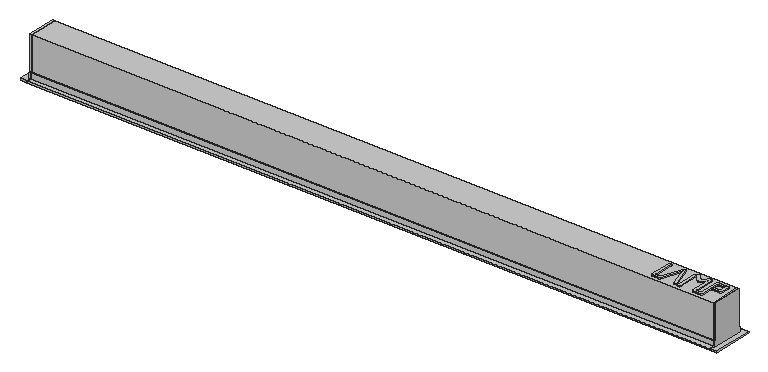
Revit family "LAMP_FIL 50 G2 PRISMATIC RECESSED", category Luminarias, Revit 2015
Parameters (values of type "1137MM 3000LM 3000K GREY")
  Ángulo de inclinación = 90.00°
  Weight = 2.166 kg
  Wattage = 21.3 W
  UniClass 2.0 Descripción = ""
  UniClass 2.0 Code = Product code  # "F52RC120MOPR830NG"
  UniClass 1.4 Descripción = ""
  UniClass 1.4 Code = Product code  # "F52RC120MOPR830NG"
  Type = "MID POWER TRIDONIC"
  built-in parameter 1150110 = 1 (stored number, unit not read)
  Protection rating = "IP42, IK07"
  Product datasheet = "https://www.lamp.es/product-files/TECH/F52RC120MOPR830NG-EN.pdf"
  Product code = "F52RC120MOPR830NG"
  Product URL = "https://www.lamp.es/en/family/fil-50_33388"
  Power Supply = "220-240V 50-60Hz"
  Power = 19 W
  Plum = 21.3 W
  NO COVER 2 [instance] = not(END COVER 2)  # no
  NO COVER 1 [instance] = not(END COVER 1)  # no
  Modelo = Product code  # "F52RC120MOPR830NG"
  Model explanation = "Availability of switching between accessories through visibility parameters when placed in a project."
  Material tapa = LAMP_Aluminio Perfil Fil GR
  Material codo = LAMP_Aluminio Perfil Fil GR
  Material Perfil = LAMP_Aluminio Perfil Fil GR
  Omniclass Descripción = ""
  OmniClass Code = ""
  Recessed dimensions = "1147x52x80mm"
  Material Difusor = Lamp, Policarbonato Prismatico
  Manufacturer name = "LAMP"
  Manufacturer country = "Spain"
  Manufacturer URL = "http://www.lamp.es/en"
  MacAdam = "3"
  Lámpara = "MID-POWER LED"
  Luminaire type = "Indoor - Modular System"
  Longitud = 1137.00 mm
  Last update = "11/08/2020"
  LED Lifetime = "50000 L80 B10"
  Insulation class = "I"
  Installation instructions = "https://www.lamp.es/product-files/INS/1003730-H-INSTR.%20ESTRUCTURA%20FIL%2050%20EMPOTRADO.pdf"
  IFC Clasificación = "Light Fixture"
  IEE = "A++"
  Gear = "Electronic"
  Finish = "Gloss grey"
  built-in parameter 1114217 = 1 (stored number, unit not read)
  built-in parameter 1150109 = 1 (stored number, unit not read)
  Fabricante = Manufacturer name  # "LAMP"
  Efficacy = 91.3 lm/W
  END COVER 2 [instance] = yes
  END COVER 1 [instance] = yes
  Dimensions = "1137x66x67mm"
  Descripción = "FIL 50 G2 PRISM REC 3000 WW GR."
  Comentarios de tipo = Model explanation  # "Availability of switching between accessories through visibility parameters when placed in a project."
  built-in parameter 1150134 = (empty or 0)
  built-in parameter 1150113 = 1 (stored number, unit not read)
  Lumens = 1944.69 lm
  built-in parameter 1150115 = 1 (stored number, unit not read)
  built-in parameter 1150105 = 154.75 (stored number, unit not read)
  built-in parameter 1150137 = (empty or 0)
  built-in parameter 1150139 = (empty or 0)
  built-in parameter 1150112 = 1 (stored number, unit not read)
  built-in parameter 1150114 = 1 (stored number, unit not read)
  built-in parameter 1150132 = 2
  built-in parameter 1150102 = (empty or 0)
  built-in parameter 1150138 = (empty or 0)
  built-in parameter 1150107 = 3000 (stored number, unit not read)
  built-in parameter 1150106 = 1.5475 (stored number, unit not read)
  Emit from Line Length = Longitud  # 1137.00 mm
  built-in parameter 1150104 = 8.482 (stored number, unit not read)
  Dimming Lamp Color Temperature Shift = (empty or 0)
  Color Filter = 16777215
  built-in parameter 1114218 = 1 (stored number, unit not read)
  CRI = "80"
  CORNER 2 RIGHT [instance] = and(NO COVER 2, ACC CORNER 2, not(CORNER 2 LEFT))  # no
  CORNER 2 LEFT [instance] = and(NO COVER 2, ACC CORNER 2, CHANGE SIDE CORNER 2)  # no
  CORNER 1 RIGHT [instance] = and(NO COVER 1, ACC CORNER 1, not(CORNER 1 LEFT))  # no
  CORNER 1 LEFT [instance] = and(NO COVER 1, ACC CORNER 1, CHANGE SIDE CORNER 1)  # no
  CHANGE SIDE CORNER 2 [instance] = no
  CHANGE SIDE CORNER 1 [instance] = no
  Archivo de red fotométrica = "14741553.IES"
  ACC CORNER 2 [instance] = no
  ACC CORNER 1 [instance] = no
  built-in parameter 1150133 = 10 (stored number, unit not read)
Types (17, lengths in mm): name | Weight | Wattage | UniClass 2.0 Code | UniClass 1.4 Code | Product datasheet | Product code | Power | Plum | Modelo | Material tapa | Material codo | Material Perfil | Recessed dimensions | Longitud | LED Lifetime | Finish | Efficacy | Dimensions | Descripción | built-in parameter 1150134 | Lumens | built-in parameter 1150105 | built-in parameter 1150107 | built-in parameter 1150106 | Emit from Line Length | built-in parameter 1150104 | Archivo de red fotométrica
  (no name) | 2.166 kg | 21.3 W | "F52RC120MOPR830NG" | "F52RC120MOPR830NG" | "https://www.lamp.es/product-files/TECH/F52RC120MOPR830NG-EN.pdf" | "F52RC120MOPR830NG" | 19 W | 21.3 W | "F52RC120MOPR830NG" | LAMP_Aluminio Perfil Fil GR | LAMP_Aluminio Perfil Fil GR | LAMP_Aluminio Perfil Fil GR | "1147x52x80mm" | 1137.00 | "50000 L80 B10" | "Gloss grey" | 91.3 lm/W | "1137x66x67mm" | "FIL 50 G2 PRISM REC 3000 WW GR." | (empty or 0) | 1944.69 lm | 154.75 (stored number, unit not read) | 3000 (stored number, unit not read) | 1.5475 (stored number, unit not read) | 1137.00 | 8.482 (stored number, unit not read) | "14741553.IES"
  1137MM 3000LM 3000K WHITE | 2.166 kg | 21.3 W | "F52RC120MOPR830NW" | "F52RC120MOPR830NW" | "https://www.lamp.es/product-files/TECH/F52RC120MOPR830NG-EN.pdf" | "F52RC120MOPR830NW" | 19 W | 21.3 W | "F52RC120MOPR830NW" | LAMP_Aluminio Perfil Fil BL | LAMP_Aluminio Perfil Fil BL | LAMP_Aluminio Perfil Fil BL | "1147x52x80mm" | 1137.00 | "50000 L80 B10" | "Matt white" | 91.3 lm/W | "1137x66x67mm" | "FIL 50 G2 PRISM REC 3000 WW WH." | (empty or 0) | 1944.69 lm | 154.75 (stored number, unit not read) | 3000 (stored number, unit not read) | 1.5475 (stored number, unit not read) | 1137.00 | 8.482 (stored number, unit not read) | "14741550.IES"
  1137MM 3000LM 3000K GREY | 2.166 kg | 21.3 W | "F52RC120MOPR830NG" | "F52RC120MOPR830NG" | "https://www.lamp.es/product-files/TECH/F52RC120MOPR830NG-EN.pdf" | "F52RC120MOPR830NG" | 19 W | 21.3 W | "F52RC120MOPR830NG" | LAMP_Aluminio Perfil Fil GR | LAMP_Aluminio Perfil Fil GR | LAMP_Aluminio Perfil Fil GR | "1147x52x80mm" | 1137.00 | "50000 L80 B10" | "Gloss grey" | 91.3 lm/W | "1137x66x67mm" | "FIL 50 G2 PRISM REC 3000 WW GR." | (empty or 0) | 1944.69 lm | 154.75 (stored number, unit not read) | 3000 (stored number, unit not read) | 1.5475 (stored number, unit not read) | 1137.00 | 8.482 (stored number, unit not read) | "14741553.IES"
  1137MM 3000LM 4000K WHITE | 2.166 kg | 21.3 W | "F52RC120MOPR840NW" | "F52RC120MOPR840NW" | "https://www.lamp.es/product-files/TECH/F52RC120MOPR840NW-EN.pdf" | "F52RC120MOPR840NW" | 19 W | 21.3 W | "F52RC120MOPR840NW" | LAMP_Aluminio Perfil Fil BL | LAMP_Aluminio Perfil Fil BL | LAMP_Aluminio Perfil Fil BL | "1147x52x80mm" | 1137.00 | "50000 L80 B10" | "Matt white" | 96.2 lm/W | "1137x66x67mm" | "FIL LED G2 PRISM REC 3000 NW WH." | 12 | 2049.06 lm | 163.06 (stored number, unit not read) | 4000 (stored number, unit not read) | 1.6306 (stored number, unit not read) | 1137.00 | 8.9373 (stored number, unit not read) | "14740550.IES"
  1137MM 3000LM 4000K GREY | 2.166 kg | 21.3 W | "F52RC120MOPR840NG" | "F52RC120MOPR840NG" | "https://www.lamp.es/product-files/TECH/F52RC120MOPR840NG-EN.pdf" | "F52RC120MOPR840NG" | 19 W | 21.3 W | "F52RC120MOPR840NG" | LAMP_Aluminio Perfil Fil GR | LAMP_Aluminio Perfil Fil GR | LAMP_Aluminio Perfil Fil GR | "1147x52x80mm" | 1137.00 | "50000 L80 B10" | "Gloss grey" | 96.2 lm/W | "1137x66x67mm" | "FIL 50 G2 PRISM REC 3000 NW GR." | 12 | 2049.06 lm | 163.06 (stored number, unit not read) | 4000 (stored number, unit not read) | 1.6306 (stored number, unit not read) | 1137.00 | 8.9373 (stored number, unit not read) | "14740553.IES"
  1137MM 6000LM 3000K WHITE | 2.166 kg | 40.6 W | "F52RC120HOPR830NW" | "F52RC120HOPR830NW" | "https://www.lamp.es/product-files/TECH/F52RC120HOPR830NW-EN.pdf" | "F52RC120HOPR830NW" | 37 W | 40.6 W | "F52RC120HOPR830NW" | LAMP_Aluminio Perfil Fil BL | LAMP_Aluminio Perfil Fil BL | LAMP_Aluminio Perfil Fil BL | "1147x52x80mm" | 1137.00 | "50000 L70 B10" | "Matt white" | 92.1 lm/W | "1137x66x67mm" | "FIL 50 G2 PRISM REC 6000 WW WH." | (empty or 0) | 3739.26 lm | 297.56 (stored number, unit not read) | 3000 (stored number, unit not read) | 2.9756 (stored number, unit not read) | 1137.00 | 8.5564 (stored number, unit not read) | "14741570.IES"
  1137MM 6000LM 3000K GREY | 2.166 kg | 40.6 W | "F52RC120HOPR830NG" | "F52RC120HOPR830NG" | "https://www.lamp.es/product-files/TECH/F52RC120HOPR830NG-EN.pdf" | "F52RC120HOPR830NG" | 37 W | 40.6 W | "F52RC120HOPR830NG" | LAMP_Aluminio Perfil Fil GR | LAMP_Aluminio Perfil Fil GR | LAMP_Aluminio Perfil Fil GR | "1147x52x80mm" | 1137.00 | "50000 L70 B10" | "Gloss grey" | 92.1 lm/W | "1137x66x67mm" | "FIL 50 G2 PRISM REC 6000 WW GR." | (empty or 0) | 3739.26 lm | 297.56 (stored number, unit not read) | 3000 (stored number, unit not read) | 2.9756 (stored number, unit not read) | 1137.00 | 8.5564 (stored number, unit not read) | "14741573.IES"
  1137MM 6000LM 4000K WHITE | 2.166 kg | 40.6 W | "F52RC120HOPR840NW" | "F52RC120HOPR840NW" | "https://www.lamp.es/product-files/TECH/F52RC120HOPR840NW-EN.pdf" | "F52RC120HOPR840NW" | 37 W | 40.6 W | "F52RC120HOPR840NW" | LAMP_Aluminio Perfil Fil BL | LAMP_Aluminio Perfil Fil BL | LAMP_Aluminio Perfil Fil BL | "1147x52x80mm" | 1137.00 | "50000 L70 B10" | "Matt white" | 97.1 lm/W | "1137x66x67mm" | "FIL 50 G2 PRISM REC 6000 NW WH." | 12 | 3942.26 lm | 313.72 (stored number, unit not read) | 4000 (stored number, unit not read) | 3.1372 (stored number, unit not read) | 1137.00 | 9.0209 (stored number, unit not read) | "14740570.IES"
  1137MM 6000LM 4000K GREY | 2.166 kg | 40.6 W | "F52RC120HOPR840NG" | "F52RC120HOPR840NG" | "https://www.lamp.es/product-files/TECH/F52RC120HOPR840NG-EN.pdf" | "F52RC120HOPR840NG" | 37 W | 40.6 W | "F52RC120HOPR840NG" | LAMP_Aluminio Perfil Fil GR | LAMP_Aluminio Perfil Fil GR | LAMP_Aluminio Perfil Fil GR | "1147x52x80mm" | 1137.00 | "50000 L70 B10" | "Gloss grey" | 97.1 lm/W | "1137x66x67mm" | "FIL 50 G2 PRISM REC 6000 NW GR." | 12 | 3942.26 lm | 313.72 (stored number, unit not read) | 4000 (stored number, unit not read) | 3.1372 (stored number, unit not read) | 1137.00 | 9.0209 (stored number, unit not read) | "14740573.IES"
  1700MM 4600LM 3000K WHITE | 2.86 kg | 31.2 W | "F52RC170MOPR830NW" | "F52RC170MOPR830NW" | "https://www.lamp.es/product-files/TECH/F52RC170MOPR830NG-EN.pdf" | "F52RC170MOPR830NW" | 28 W | 32.2 W | "F52RC170MOPR830NW" | LAMP_Aluminio Perfil Fil BL | LAMP_Aluminio Perfil Fil BL | LAMP_Aluminio Perfil Fil BL | "1710x52x80mm" | 1700.00 | "50000 L80 B10" | "Matt white" | 94.9 lm/W | "1700x66x67mm" | "FIL 50 G2 PRISM REC 4600 WW WH." | (empty or 0) | 2917.2 lm | 232.14 (stored number, unit not read) | 3000 (stored number, unit not read) | 2.3214 (stored number, unit not read) | 1700.00 | 8.6864 (stored number, unit not read) | "14741560.IES"
  1700MM 4600LM 3000K GREY | 2.86 kg | 31.2 W | "F52RC170MOPR830NG" | "F52RC170MOPR830NG" | "https://www.lamp.es/product-files/TECH/F52RC170MOPR830NG-EN.pdf" | "F52RC170MOPR830NG" | 28 W | 32.2 W | "F52RC170MOPR830NG" | LAMP_Aluminio Perfil Fil GR | LAMP_Aluminio Perfil Fil GR | LAMP_Aluminio Perfil Fil GR | "1710x52x80mm" | 1700.00 | "50000 L80 B10" | "Gloss grey" | 93.5 lm/W | "1700x66x67mm" | "FIL 50 G2 PRISM REC 4600 WW GR." | (empty or 0) | 2917.2 lm | 232.14 (stored number, unit not read) | 3000 (stored number, unit not read) | 2.3214 (stored number, unit not read) | 1700.00 | 8.6864 (stored number, unit not read) | "14741563.IES"
  1700MM 4600LM 4000K WHITE | 2.86 kg | 31.2 W | "F52RC170MOPR840NW" | "F52RC170MOPR840NW" | "https://www.lamp.es/product-files/TECH/F52RC170MOPR840NW-EN.pdf" | "F52RC170MOPR840NW" | 28 W | 32.2 W | "F52RC170MOPR840NW" | LAMP_Aluminio Perfil Fil BL | LAMP_Aluminio Perfil Fil BL | LAMP_Aluminio Perfil Fil BL | "1710x52x80mm" | 1700.00 | "50000 L80 B10" | "Matt white" | 98.6 lm/W | "1700x66x67mm" | "FIL 50 G2 PRISM REC 4600 NW WH." | 12 | 3076.32 lm | 244.81 (stored number, unit not read) | 4000 (stored number, unit not read) | 2.4481 (stored number, unit not read) | 1700.00 | 9.1602 (stored number, unit not read) | "14740560.IES"
  1700MM 4600LM 4000K GREY | 2.86 kg | 31.2 W | "F52RC170MOPR840NG" | "F52RC170MOPR840NG" | "https://www.lamp.es/product-files/TECH/F52RC170MOPR840NG-EN.pdf" | "F52RC170MOPR840NG" | 28 W | 32.2 W | "F52RC170MOPR840NG" | LAMP_Aluminio Perfil Fil GR | LAMP_Aluminio Perfil Fil GR | LAMP_Aluminio Perfil Fil GR | "1710x52x80mm" | 1700.00 | "50000 L80 B10" | "Gloss grey" | 98.6 lm/W | "1700x66x67mm" | "FIL 50 G2 PRISM REC 4600 NW GR." | 12 | 3076.32 lm | 244.81 (stored number, unit not read) | 4000 (stored number, unit not read) | 2.4481 (stored number, unit not read) | 1700.00 | 9.1602 (stored number, unit not read) | "14740563.IES"
  1700MM 9200LM 3000K WHITE | 2.86 kg | 60.4 W | "F52RC170HOPR830NW" | "F52RC170HOPR830NW" | "https://www.lamp.es/product-files/TECH/F52RC170HOPR830NW-EN.pdf" | "F52RC170HOPR830NW" | 55 W | 60.4 W | "F52RC170HOPR830NW" | LAMP_Aluminio Perfil Fil BL | LAMP_Aluminio Perfil Fil BL | LAMP_Aluminio Perfil Fil BL | "1710x52x80mm" | 1700.00 | "50000 L70 B10" | "Matt white" | 92.9 lm/W | "1700x66x67mm" | "FIL 50 G2 PRISM REC 9200 WW WH." | (empty or 0) | 5611.16 lm | 446.52 (stored number, unit not read) | 3000 (stored number, unit not read) | 4.4652 (stored number, unit not read) | 1700.00 | 8.6307 (stored number, unit not read) | "14741580.IES"
  1700MM 9200LM 3000K GREY | 2.86 kg | 60.4 W | "F52RC170HOPR830NG" | "F52RC170HOPR830NG" | "https://www.lamp.es/product-files/TECH/F52RC170HOPR830NG-EN.pdf" | "F52RC170HOPR830NG" | 55 W | 60.4 W | "F52RC170HOPR830NG" | LAMP_Aluminio Perfil Fil GR | LAMP_Aluminio Perfil Fil GR | LAMP_Aluminio Perfil Fil GR | "1710x52x80mm" | 1700.00 | "50000 L70 B10" | "Gloss grey" | 92.9 lm/W | "1700x66x67mm" | "FIL 50 G2 PRISM REC 9200 WW GR." | (empty or 0) | 5611.16 lm | 446.52 (stored number, unit not read) | 3000 (stored number, unit not read) | 4.4652 (stored number, unit not read) | 1700.00 | 8.6307 (stored number, unit not read) | "14741583.IES"
  1700MM 9200LM 4000K WHITE | 2.86 kg | 60.4 W | "F52RC170HOPR840NW" | "F52RC170HOPR840NW" | "https://www.lamp.es/product-files/TECH/F52RC170HOPR840NW-EN.pdf" | "F52RC170HOPR840NW" | 55 W | 60.4 W | "F52RC170HOPR840NW" | LAMP_Aluminio Perfil Fil BL | LAMP_Aluminio Perfil Fil BL | LAMP_Aluminio Perfil Fil BL | "1710x52x80mm" | 1700.00 | "50000 L70 B10" | "Matt white" | 97.9 lm/W | "1700x66x67mm" | "FIL 50 G2 PRISM REC 9200 NW WH." | 12 | 5913.16 lm | 470.55 (stored number, unit not read) | 4000 (stored number, unit not read) | 4.7055 (stored number, unit not read) | 1700.00 | 9.0952 (stored number, unit not read) | "14740580.IES"
  1700MM 9200LM 4000K GREY | 2.86 kg | 60.4 W | "F52RC170HOPR840NG" | "F52RC170HOPR840NG" | "https://www.lamp.es/product-files/TECH/F52RC170HOPR840NG-EN.pdf" | "F52RC170HOPR840NG" | 55 W | 60.4 W | "F52RC170HOPR840NG" | LAMP_Aluminio Perfil Fil GR | LAMP_Aluminio Perfil Fil GR | LAMP_Aluminio Perfil Fil GR | "1710x52x80mm" | 1700.00 | "50000 L70 B10" | "Gloss grey" | 97.9 lm/W | "1700x66x67mm" | "FIL 50 G2 PRISM REC 9200 NW GR." | 12 | 5913.16 lm | 470.55 (stored number, unit not read) | 4000 (stored number, unit not read) | 4.7055 (stored number, unit not read) | 1700.00 | 9.0952 (stored number, unit not read) | "14740583.IES"
Reference planes
  plane 1 "Eje de origen de luz (F/P)": y = 0
  plane 2 "Techo": z = 2438.4
  plane 3 "Eje de origen de luz (I/D)": x = 0
  plane 4 "Elevación de origen de luz": z = 2438.398
  plane 5: x = 1137
  plane 6: z = 2398.4
  plane 7: x = 568.5
Forms (mm)
  Extrusion 1, solid, material "LAMP_Aluminio Perfil Fil GR" <- "Material Perfil"
    sketch origin (0, 0, 200.882) x (0, 1, 0) y (0, 0, 1)
      loop
        line (33.2, 2237.518) -> (25.5, 2237.518) -> (25.5, 2245.533) -> (24, 2246.469) -> (24, 2302.333) -> (-24, 2302.333) -> (-24, 2246.469) -> (-25.5, 2245.533) -> (-25.5, 2237.518) -> (-33.2, 2237.518) -> (-33.2, 2235.033) -> (-22.902, 2235.033) -> (-22.902, 2237.518) -> (22.896, 2237.518) -> (22.896, 2235.033) -> (33.2, 2235.033) -> (33.2, 2237.518)
    from 0 to 1137
  Extrusion 2, solid, material "Lamp, Policarbonato Prismatico" <- "Material Difusor"
    sketch origin (0, 0, 198.4) x (0, 1, 0) y (0, 0, 1)
      loop
        line (-22.902, 2240) -> (-22.902, 2237.516) -> (22.896, 2237.516) -> (22.896, 2240) -> (-22.902, 2240)
    from 0 to 1137
  Extrusion 3, solid, material "LAMP_Aluminio Perfil Fil GR" <- "Material Perfil"
    sketch origin (0, 0, 2438.398) x (0, -1, 0) y (1, 0, 0)
      loop
        arc (17.275, 1028.459) -> (18.554, 1028.989) -> (19.083, 1030.268) r 1.808
        line (19.083, 1030.268) -> (19.083, 1041.281)
        arc (19.083, 1041.281) -> (18.734, 1042.373) -> (17.815, 1043.058) r 1.88
        line (17.815, 1043.058) -> (-14.196, 1054.073) -> (17.64, 1065.027)
        arc (17.64, 1065.027) -> (18.502, 1065.671) -> (18.83, 1066.695) r 1.764
        line (18.83, 1066.695) -> (18.83, 1074.628)
        arc (18.83, 1074.628) -> (18.312, 1075.878) -> (17.062, 1076.396) r 1.768
        line (17.062, 1076.396) -> (-14.398, 1076.396) -> (-4.438, 1086.355) -> (-14.398, 1096.315) -> (17.367, 1096.315)
        arc (17.367, 1096.315) -> (18.58, 1096.818) -> (19.083, 1098.032) r 1.717
        line (19.083, 1098.032) -> (19.083, 1110.348)
        arc (19.083, 1110.348) -> (18.539, 1111.662) -> (17.225, 1112.206) r 1.858
        line (17.225, 1112.206) -> (-12.857, 1112.206)
        arc (-12.857, 1112.206) -> (-14.127, 1112.732) -> (-14.653, 1114.002) r 1.796
        line (-14.653, 1114.002) -> (-14.653, 1122.357)
        arc (-14.653, 1122.357) -> (-14.111, 1123.664) -> (-12.803, 1124.206) r 1.849
        line (-12.803, 1124.206) -> (-6.491, 1124.206)
        arc (-6.491, 1124.206) -> (-5.191, 1123.668) -> (-4.653, 1122.368) r 1.838
        line (-4.653, 1122.368) -> (-4.653, 1114.675)
        arc (-4.653, 1114.675) -> (-2.653, 1112.675) -> (-0.653, 1114.675) r 2
        line (-0.653, 1114.675) -> (-0.653, 1126.413)
        arc (-0.653, 1126.413) -> (-1.178, 1127.681) -> (-2.446, 1128.206) r 1.793
        line (-2.446, 1128.206) -> (-16.771, 1128.206)
        arc (-16.771, 1128.206) -> (-18.102, 1127.655) -> (-18.653, 1126.324) r 1.882
        line (-18.653, 1126.324) -> (-18.653, 1110.064)
        arc (-18.653, 1110.064) -> (-18.109, 1108.75) -> (-16.795, 1108.206) r 1.858
        line (-16.795, 1108.206) -> (13.276, 1108.206)
        arc (13.276, 1108.206) -> (14.59, 1107.662) -> (15.135, 1106.347) r 1.859
        line (15.135, 1106.347) -> (15.135, 1102.233)
        arc (15.135, 1102.233) -> (14.593, 1100.926) -> (13.286, 1100.384) r 1.849
        line (13.286, 1100.384) -> (-14.97, 1100.384)
        arc (-14.97, 1100.384) -> (-19.003, 1097.483) -> (-17.533, 1092.737) r 4.253
        line (-17.533, 1092.737) -> (-11.151, 1086.355) -> (-17.533, 1079.973)
        arc (-17.533, 1079.973) -> (-19.003, 1075.228) -> (-14.97, 1072.326) r 4.253
        line (-14.97, 1072.326) -> (12.834, 1072.326)
        arc (12.834, 1072.326) -> (15.098, 1070.41) -> (13.581, 1067.861) r 2.295
        line (13.581, 1067.861) -> (-16.097, 1057.655)
        arc (-16.097, 1057.655) -> (-18.653, 1054.073) -> (-16.097, 1050.491) r 3.788
        line (-16.097, 1050.491) -> (13.877, 1040.183)
        arc (13.877, 1040.183) -> (14.788, 1039.503) -> (15.135, 1038.42) r 1.864
        line (15.135, 1038.42) -> (15.135, 1034.236)
        arc (15.135, 1034.236) -> (14.614, 1032.98) -> (13.358, 1032.459) r 1.777
        line (13.358, 1032.459) -> (-16.865, 1032.459)
        arc (-16.865, 1032.459) -> (-18.865, 1030.459) -> (-16.865, 1028.459) r 2
        line (-16.865, 1028.459) -> (17.275, 1028.459)
    from 64.818 to 65.82
Text (mm)
  text "Any modification of the parameters and properties of the LAMP BIM models must be executed and validated by the LAMP technical department.\n\nPhone: +34 93 736 68 00\n\nE-mail: lamp@lamp.es\n\n\n\nLAMP reserves the right to modify the technical specifications of its products." at (1864.99, -435.024, 1821.159), in view "Preview"
Dimensions and locks
  equal spacing: host sketch curve, plane 3 "Eje de origen de luz (I/D)", host sketch curve
  equal spacing: host sketch curve, plane 1 "Eje de origen de luz (F/P)", host sketch curve
  host sketch curve to host sketch curve = 4552.00 mm
  host sketch curve to host sketch curve = 3048.00 mm
  "Longitud": plane 3 "Eje de origen de luz (I/D)" to plane 5
  Extrusion 2 sketch curve to imposter light = 0.002 mm
  locked: plane 2 "Techo" to plane 6 at 40
  equal spacing: plane 3 "Eje de origen de luz (I/D)", plane 7, plane 5
  aligned and locked: plane 1 "Eje de origen de luz (F/P)" to imposter light
  aligned and locked: plane 4 "Elevación de origen de luz" to imposter light
  aligned and locked: plane 5 to Extrusion 2
  aligned and locked: plane 5 to Extrusion 1
  aligned and locked: Extrusion 2 to plane 3 "Eje de origen de luz (I/D)"  (x3)
  aligned and locked: Extrusion 1 to plane 3 "Eje de origen de luz (I/D)"
  aligned and locked: imposter light to plane 7
  aligned and locked: plane 5 to nested 1
  aligned and locked: plane 5 to nested 3
  aligned and locked: nested 4 to plane 5
  aligned and locked: Extrusion 3 to Extrusion 1
Automatic sketch dimensions
  Extrusion 1 sketch curve to plane 2 "Techo" = 0.00 mm  (x3)
  plane 1 "Eje de origen de luz (F/P)" to Extrusion 1 sketch curve = 33.20 mm
  Extrusion 1 sketch curve to Extrusion 1 sketch curve = 7.70 mm  (x2)
  plane 1 "Eje de origen de luz (F/P)" to Extrusion 1 sketch curve = 24.00 mm
  Extrusion 1 sketch curve to Extrusion 1 sketch curve = 2.598 mm
  plane 4 "Elevación de origen de luz" to Extrusion 1 sketch curve = 2.482 mm  (x2)
  Extrusion 1 sketch curve to plane 1 "Eje de origen de luz (F/P)" = 22.896 mm
  plane 2 "Techo" to Extrusion 1 sketch curve = 8.952 mm
  Extrusion 1 sketch curve to Extrusion 1 sketch curve = 1.104 mm
  Extrusion 1 sketch curve to Extrusion 1 sketch curve = 1.50 mm
  plane 2 "Techo" to Extrusion 1 sketch curve = 8.016 mm
  Extrusion 1 sketch curve to Extrusion 1 sketch curve = 0.936 mm  (x2)
  Extrusion 1 sketch curve to Extrusion 1 sketch curve = 55.864 mm
  plane 4 "Elevación de origen de luz" to Extrusion 2 sketch curve = 2.482 mm
  plane 1 "Eje de origen de luz (F/P)" to Extrusion 2 sketch curve = 22.902 mm
  Extrusion 2 sketch curve to plane 1 "Eje de origen de luz (F/P)" = 22.896 mm
  Extrusion 3 sketch curve to plane 5 = 10.676 mm
  Extrusion 3 sketch curve to plane 1 "Eje de origen de luz (F/P)" = 18.653 mm
  Extrusion 3 sketch curve to Extrusion 3 sketch curve = 1.119 mm
  Extrusion 3 sketch curve to Extrusion 3 sketch curve = 0.00 mm  (x4)
  Extrusion 3 sketch curve to plane 1 "Eje de origen de luz (F/P)" = 16.865 mm
  Extrusion 3 sketch curve to Extrusion 3 sketch curve = 1.858 mm  (x2)
  Extrusion 3 sketch curve to Extrusion 3 sketch curve = 1.882 mm
  Extrusion 3 sketch curve to plane 1 "Eje de origen de luz (F/P)" = 16.097 mm
  Extrusion 3 sketch curve to Extrusion 3 sketch curve = 1.824 mm
  Extrusion 3 sketch curve to Extrusion 3 sketch curve = 2.563 mm
  Extrusion 3 sketch curve to Extrusion 3 sketch curve = 1.232 mm
  Extrusion 3 sketch curve to Extrusion 3 sketch curve = 2.118 mm
  Extrusion 3 sketch curve to Extrusion 3 sketch curve = 0.572 mm  (x2)
  Extrusion 3 sketch curve to Extrusion 3 sketch curve = 0.669 mm
  Extrusion 3 sketch curve to Extrusion 3 sketch curve = 1.796 mm
  Extrusion 3 sketch curve to Extrusion 3 sketch curve = 1.849 mm  (x2)
  Extrusion 3 sketch curve to Extrusion 3 sketch curve = 6.382 mm  (x2)
  Extrusion 3 sketch curve to Extrusion 3 sketch curve = 6.313 mm
  Extrusion 3 sketch curve to plane 1 "Eje de origen de luz (F/P)" = 4.653 mm
  Extrusion 3 sketch curve to plane 1 "Eje de origen de luz (F/P)" = 4.438 mm
  Extrusion 3 sketch curve to Extrusion 3 sketch curve = 2.00 mm  (x2)
  Extrusion 3 sketch curve to Extrusion 3 sketch curve = 1.793 mm
  plane 1 "Eje de origen de luz (F/P)" to Extrusion 3 sketch curve = 12.834 mm
  plane 1 "Eje de origen de luz (F/P)" to Extrusion 3 sketch curve = 13.27 mm
  plane 1 "Eje de origen de luz (F/P)" to Extrusion 3 sketch curve = 13.276 mm
  Extrusion 3 sketch curve to Extrusion 3 sketch curve = 0.01 mm
  Extrusion 3 sketch curve to Extrusion 3 sketch curve = 0.087 mm
  Extrusion 3 sketch curve to Extrusion 3 sketch curve = 0.746 mm
  Extrusion 3 sketch curve to Extrusion 3 sketch curve = 0.606 mm
  Extrusion 3 sketch curve to Extrusion 3 sketch curve = 1.777 mm
  Extrusion 3 sketch curve to Extrusion 3 sketch curve = 4.228 mm
  Extrusion 3 sketch curve to Extrusion 3 sketch curve = 3.485 mm
  Extrusion 3 sketch curve to Extrusion 3 sketch curve = 3.327 mm
  Extrusion 3 sketch curve to Extrusion 3 sketch curve = 3.949 mm
  Extrusion 3 sketch curve to Extrusion 3 sketch curve = 3.917 mm
  Extrusion 3 sketch curve to Extrusion 3 sketch curve = 4.08 mm
  Extrusion 3 sketch curve to Extrusion 3 sketch curve = 0.574 mm
  Extrusion 3 sketch curve to Extrusion 3 sketch curve = 0.612 mm
  Extrusion 3 sketch curve to Extrusion 3 sketch curve = 1.764 mm
  Extrusion 3 sketch curve to Extrusion 3 sketch curve = 1.88 mm
  Extrusion 3 sketch curve to Extrusion 3 sketch curve = 2.207 mm
  Extrusion 3 sketch curve to Extrusion 3 sketch curve = 7.693 mm
  Extrusion 3 sketch curve to Extrusion 3 sketch curve = 0.673 mm
  Extrusion 3 sketch curve to Extrusion 3 sketch curve = 3.938 mm
  Extrusion 3 sketch curve to Extrusion 3 sketch curve = 4.114 mm
  Extrusion 3 sketch curve to Extrusion 3 sketch curve = 2.353 mm
  Extrusion 3 sketch curve to Extrusion 3 sketch curve = 0.184 mm  (x2)
  Extrusion 3 sketch curve to Extrusion 3 sketch curve = 2.295 mm
  Extrusion 3 sketch curve to Extrusion 3 sketch curve = 1.166 mm
  Extrusion 3 sketch curve to Extrusion 3 sketch curve = 14.671 mm
  Extrusion 3 sketch curve to Extrusion 3 sketch curve = 3.582 mm
  Extrusion 3 sketch curve to Extrusion 3 sketch curve = 21.969 mm
  Extrusion 3 sketch curve to Extrusion 3 sketch curve = 1.098 mm
  Extrusion 3 sketch curve to Extrusion 3 sketch curve = 4.184 mm
Nested families
  nested 1: "LAMP_ENDCOVER RECESSED" at (1137, 0, 2435.916), Material <- "Material tapa", visible <- "END COVER 1", type "GREY"
    with Material LAMP_Aluminio Perfil Fil GR
  nested 2: "LAMP_ENDCOVER RECESSED" at (0, 0, 2435.916) x (-1, 0, 0) z (0, 0, 1), visible <- "END COVER 2", Material <- "Material tapa", type "GREY"
    with Material LAMP_Aluminio Perfil Fil GR
  nested 3: "LAMP_FIL ACC 90º WALL CORNER RECESSED" at (1137, 25, -1561.6), visible <- "CORNER 1 RIGHT", type "WHITE"
  nested 4: "LAMP_FIL ACC 90º WALL CORNER RECESSED" at (1217, 55, -1561.6) x (0, -1, 0) z (0, 0, 1), visible <- "CORNER 1 LEFT", type "WHITE"
  nested 5: "LAMP_FIL ACC 90º WALL CORNER RECESSED" at (-80, 55, -1561.6) x (0, -1, 0) z (0, 0, 1), visible <- "CORNER 2 LEFT", type "WHITE"
  nested 6: "LAMP_FIL ACC 90º WALL CORNER RECESSED" at (0, 25, -1561.6) x (-1, 0, 0) z (0, 0, 1), visible <- "CORNER 2 RIGHT", type "WHITE"
Connectors
  electrical at (20, 0, 2503.216)
    settings: on Extrusion 1, index 1, voltage 240 V, apparent load 0 VA, apparent load phase1 0 VA, apparent load phase2 0 VA, apparent load phase3 0 VA, power factor 1, load classification "Iluminación", number of poles 1, system type 31, power factor state 1, is connector primary yes, connector utility no, sub classification motor no, connector description ""
Definition of nested family "LAMP_ENDCOVER RECESSED"
  Parameters (values of type "GREY")
    Material [instance] = none
  Types (3): name
    (no name)
    GREY
    WHITE
  Reference planes
    plane 1 "Centro (Frontal/Posterior)": y = 0
    plane 2: z = 0
    plane 3 "Centro (Izquierda/Derecha)": x = 0
  Forms (mm)
    Extrusion 1, solid, material <- "Material"
      sketch origin (0, 0, 0) x (1, 0, 0) y (0, 0, 1)
        loop
          line (0, 0) -> (11, 0) -> (11, 2.5) -> (3, 2.5) -> (3, 67.3) -> (0, 67.3) -> (0, 0)
      from 33.2 to -33.2
    Extrusion 2, void
      sketch origin (0, 0, 0) x (0, 1, 0) y (0, 0, 1)
        loop
          line (33.2, 2.5) -> (33.2, 69.75) -> (24, 69.75) -> (24, 11.436) -> (25.5, 10.5) -> (25.5, 2.5) -> (33.2, 2.5)
      from 4 to -4
    Extrusion 3, void
      sketch origin (0, 0, 0) x (0, -1, 0) y (0, 0, -1)
        loop
          line (33.2, -2.5) -> (25.5, -2.5) -> (25.5, -10.5) -> (24, -11.436) -> (24, -69.75) -> (33.2, -69.75) -> (33.2, -2.5)
      from 4 to -4
  Cuts and joins
    Extrusion 2, Extrusion 3 cuts Extrusion 1
  Dimensions and locks
    aligned and locked: level to plane 2
Definition of nested family "LAMP_FIL ACC 90º WALL CORNER RECESSED"
  Parameters (values of type "WHITE")
    Last update = "09/05/2018"
    Manufacturer URL = "http://www.lamp.es/en"
    Material Codo = none
    Manufacturer country = "Spain"
    Manufacturer name = "LAMP"
    Product code = "4705210"
  Types (2, lengths in mm): name | Product code
    WHITE | "4705210"
    GREY | "4705213"
  Reference planes
    plane 1 "Eje de origen de luz (F/P)": y = 0
    plane 2: z = 0
    plane 3 "Eje de origen de luz (I/D)": x = 0
    plane 4 "Techo": z = 4000
    plane 5 "Elevación de origen de luz": z = 3700
    plane 6: x = 79
    plane 7: y = -80
  Forms (mm)
    Sweep 1, solid, material <- "Material Codo"
      path origin (-10, 0, 4000) x (0, 1, 0) y (-1, 0, 0)
        loop
          line (0, -10) -> (0, -90) -> (-80, -90)
      profile origin (40, 0, 4000) x (0, 1, 0) y (0, 0, 1)
        loop
          line (-49, 64.8) -> (-49, 8.936) -> (-50.5, 8) -> (-50.5, 0) -> (-58.2, 0) -> (-58.2, -2.5) -> (8.2, -2.5) -> (8.2, 0) -> (0.5, 0) -> (0.5, 8) -> (-1, 8.936) -> (-1, 64.8) -> (-49, 64.8)
  Dimensions and locks
    equal spacing: host sketch curve, plane 3 "Eje de origen de luz (I/D)", host sketch curve
    equal spacing: host sketch curve, plane 1 "Eje de origen de luz (F/P)", host sketch curve
    host sketch curve to host sketch curve = 4000.00 mm  (x2)
    locked: plane 4 "Techo" to host ceiling at 0
    plane 3 "Eje de origen de luz (I/D)" to plane 6 = 79.00 mm
    plane 7 to plane 1 "Eje de origen de luz (F/P)" = 80.00 mm
    plane 5 "Elevación de origen de luz" to plane 4 "Techo" = 300.00 mm
    aligned and locked: plane 3 "Eje de origen de luz (I/D)" to Sweep 1
    aligned and locked: plane 7 to Sweep 1
    aligned and locked: plane 6 to Sweep 1
